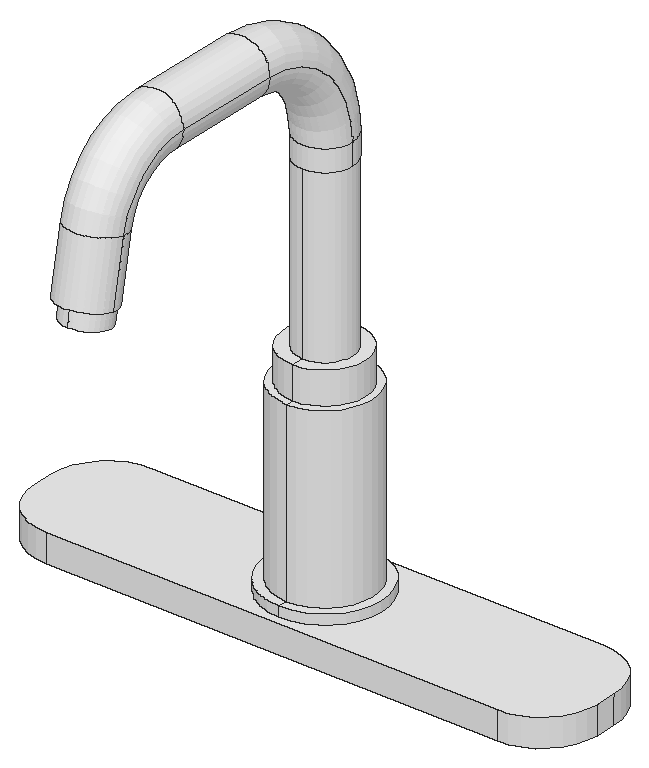
Revit family
Parameters (values of type "2064.155.002")
  Width = 1 1/4"
  Waste Connection = no
  Warranty Information = "5-Year Limited Commerical Warranty"
  WFU = 2
  Vent Connection = no
  URL = "http://www.americanstandard-us.com"
  Type Comments = "Optional 4\" or 8\" Deck Plates, Optional Thermostatic Mixing Valve"
  Price = "Prices may vary. Please consult Manufacturer Representative for most up-to-date price list."  # constant formula
  Phone Number = "416-250-5656"  # constant formula
  Omniclass Table 23 Title = "Single Faucets"  # constant formula
  Omniclass Table 23 Code = "23.45.55.14"  # constant formula
  Nominal Width = 10 1/8"
  Nominal Length = 2 3/8"
  Model = "2064.155.002"
  Material = Metal-American Standard-002-Polished Chrome
  Masterformat Title = "Commercial Faucets, Supplies, and Trim"  # constant formula
  Masterformat Number = "22 42 39"  # constant formula
  Manufacturer = "American Standard"
  Length = 7"
  Installation Type = "Deck Mounted"
  Height = 9 3/4"
  HWFU = 1.5
  HW Connection = yes
  Flow Rate = "0.5 GPM"
  Description = "DC (CR-P2 lithium battery included) Lead Free Serin Sensor-Operated Proximity Lavatory Faucet. Deck-mount electronic faicet with proximity operation. Pressure compensating, vandal-resistant multi-laminar spray. - Polished Chrome"
  Default Elevation = 2 3/8"
  Creation Date = "25/8/2014"  # constant formula
  Created By = "Allied Technical Services"  # constant formula
  Cal Green Compliant = yes
  CWFU = 1.5
  CW Connection = yes
  Assembly Code = "D2020"
  ATS URL = "http://www.atsspec.net"
  ADA Compliant = yes
  8 Inch Deck Plate = yes
  4 Inch Deck Plate = no
Types (8): name | Model | Flow Rate | Description
  2064.155.002 | "2064.155.002" | "0.5 GPM" | "DC (CR-P2 lithium battery included) Lead Free Serin Sensor-Operated Proximity Lavatory Faucet. Deck-mount electronic faicet with proximity operation. Pressure compensating, vandal-resistant multi-laminar spray. - Polished Chrome"
  2064.153.002 | "2064.153.002" | "1.5 GPM" | "DC (CR-P2 lithium battery included) Lead Free Serin Sensor-Operated Proximity Lavatory Faucet. Deck-mount electronic faicet with proximity operation. Pressure compensating, vandal-resistant multi-laminar spray. - Polished Chrome"
  2064.165.002 | "2064.165.002" | "0.5 GPM" | "Plug-in AC (Power Supply Included) Lead Free Serin Sensor-Operated Proximity Lavatory Faucet. Deck-mount electronic faicet with proximity operation. Pressure compensating, vandal-resistant multi-laminar spray. - Polished Chrome"
  2064.162.002 | "2064.162.002" | "1.5" | "Plug-in AC (Power Supply Included) Lead Free Serin Sensor-Operated Proximity Lavatory Faucet. Deck-mount electronic faicet with proximity operation. Pressure compensating, vandal-resistant multi-laminar spray. - Polished Chrome"
  2064.195.002 | "2064.195.002" | "0.5 GPM" | "Hard-Wired AC. Lead Free Serin Sensor-Operated Proximity Lavatory Faucet. Deck-mount electronic faicet with proximity operation. Pressure compensating, vandal-resistant multi-laminar spray. - Polished Chrome"
  2064.192.002 | "2064.192.002" | "1.5 GPM" | "Hard-Wired AC. Lead Free Serin Sensor-Operated Proximity Lavatory Faucet. Deck-mount electronic faicet with proximity operation. Pressure compensating, vandal-resistant multi-laminar spray. - Polished Chrome"
  2064.175.002 | "2064.175.002" | "0.5 GPM" | "Multi AC. Lead Free Serin Sensor-Operated Proximity Lavatory Faucet. Deck-mount electronic faicet with proximity operation. Pressure compensating, vandal-resistant multi-laminar spray. - Polished Chrome"
  2064.172.002 | "2064.172.002" | "1.5 GPM" | "Multi AC. Lead Free Serin Sensor-Operated Proximity Lavatory Faucet. Deck-mount electronic faicet with proximity operation. Pressure compensating, vandal-resistant multi-laminar spray. - Polished Chrome"
Reference planes (in)
  plane 1 "Center (Front/Back)": y = 0
  plane 2: z = 0
  plane 3 "Center (Left/Right)": x = 0
  plane 4: y = -5.375
  plane 5: z = 9.75
  plane 6: z = 3.9375
  plane 7: z = 6.6875
  plane 8: y = -5.875
  plane 9: z = -0.5
  plane 10: x = 0
  plane 11: x = 0
  plane 12: x = 0
Forms (in)
  Revolve 1, solid, material "Metal-American Standard-002-Polished Chrome" <- "Material"
    sketch origin (0, 0, 0) x (0, 1, 0) y (0, 0, 1)
      loop
        line (0, 0) -> (1.03125, 0) -> (1.03125, 0.17605) -> (0.85937, 0.17605) -> (0.85937, 3.35799) -> (0.72656, 3.35799) -> (0.72656, 3.9375) -> (0.5, 3.9375) -> (0.5, 6.99762) -> (0, 6.99762) -> (0, 0)
      axis (0, 0) -> (0, 6.99762)
    angle from 0 to 360
  Sweep 2, solid, material "Metal-American Standard-002-Polished Chrome" <- "Material"
    path origin (0, 0, -1.57031) x (0, 1, 0) y (0, 0, 1)
      loop
        line (0, 8.56793) -> (0, 8.95695)
        arc (0, 8.95695) -> (-0.54577, 10.27455) -> (-1.86336, 10.82031) r 1.86336
        line (-1.86336, 10.82031) -> (-3.80607, 10.82031)
        arc (-3.80607, 10.82031) -> (-4.68067, 10.5063) -> (-5.1558, 9.70767) r 1.375
        line (-5.1558, 9.70767) -> (-5.375, 8.58001)
    profile origin (0, 0, 7.19213) x (0, -1, 0) y (1, 0, 0)
      loop
        circle (0, 0) r 0.5
  Revolve 3, solid, material "Metal-American Standard-002-Polished Chrome" <- "Material"
    sketch origin (0, 0.29189, 0.2535) x (0, 0.998958, 0.045631) y (0, -0.045631, 0.998958)
      loop
        line (-5.375, 6.6875) -> (-5.27482, 7.12144) -> (-5.68005, 7.21499) -> (-5.78023, 6.78106) -> (-5.375, 6.6875)
      axis (-5.27482, 7.12144) -> (-5.375, 6.6875)
    angle from 0 to 360
  Extrusion 4, solid, material "Metal-American Standard-002-Polished Chrome" <- "Material", visible <- "8 Inch Deck Plate"
    sketch origin (0, 0, 0) x (1, 0, 0) y (0, 1, 0)
      loop
        arc (-4.0625, 1.1875) -> (-4.76961, 0.89461) -> (-5.0625, 0.1875) r 1
        line (-5.0625, 0.1875) -> (-5.0625, -0.1875)
        arc (-5.0625, -0.1875) -> (-4.76961, -0.89461) -> (-4.0625, -1.1875) r 1
        line (-4.0625, -1.1875) -> (4.0625, -1.1875)
        arc (4.0625, -1.1875) -> (4.76961, -0.89461) -> (5.0625, -0.1875) r 1
        line (5.0625, -0.1875) -> (5.0625, 0.1875)
        arc (5.0625, 0.1875) -> (4.76961, 0.89461) -> (4.0625, 1.1875) r 1
        line (4.0625, 1.1875) -> (-4.0625, 1.1875)
    from -0.5 to 0
  Extrusion 5, solid, material "Metal-American Standard-002-Polished Chrome" <- "Material", visible <- "4 Inch Deck Plate"
    sketch origin (0, 0, 0) x (1, 0, 0) y (0, 1, 0)
      loop
        arc (-2.0625, 1.0625) -> (-2.76961, 0.76961) -> (-3.0625, 0.0625) r 1
        line (-3.0625, 0.0625) -> (-3.0625, -0.0625)
        arc (-3.0625, -0.0625) -> (-2.76961, -0.76961) -> (-2.0625, -1.0625) r 1
        line (-2.0625, -1.0625) -> (2.0625, -1.0625)
        arc (2.0625, -1.0625) -> (2.76961, -0.76961) -> (3.0625, -0.0625) r 1
        line (3.0625, -0.0625) -> (3.0625, 0.0625)
        arc (3.0625, 0.0625) -> (2.76961, 0.76961) -> (2.0625, 1.0625) r 1
        line (2.0625, 1.0625) -> (-2.0625, 1.0625)
    from -0.5 to 0
Cuts and joins
  joined: Revolve 1, Sweep 2, Revolve 3
Lines and regions (in)
  Masking region 1
    outline origin (0, 0, 0) x (0, 1, 0) y (0, 0, 1)
      loop
        line (1.03125, 0) -> (1.03125, 0.17605) -> (0.85937, 0.17605) -> (0.85937, 3.35799) -> (0.72656, 3.35799) -> (0.72656, 3.9375) -> (0.5, 3.9375) -> (0.5, 7.4376)
        arc (0.5, 7.4376) -> (-0.17729, 9.07271) -> (-1.8124, 9.75) r 2.3124
        line (-1.8124, 9.75) -> (-3.80607, 9.75)
        arc (-3.80607, 9.75) -> (-4.99871, 9.3218) -> (-5.64662, 8.23277) r 1.875
        line (-5.64662, 8.23277) -> (-5.86581, 7.1051) -> (-5.73051, 7.0788) -> (-5.79175, 6.76373) -> (-4.97359, 6.6138) -> (-4.91739, 6.92044) -> (-4.8833, 6.91419) -> (-4.66464, 8.03912)
        arc (-4.66464, 8.03912) -> (-4.36228, 8.54733) -> (-3.80572, 8.74716) r 0.875
        line (-3.80572, 8.74716) -> (-1.85327, 8.74716)
        arc (-1.85327, 8.74716) -> (-0.89636, 8.3508) -> (-0.5, 7.39389) r 1.35327
        line (-0.5, 7.39389) -> (-0.5, 3.9375) -> (-0.72656, 3.9375) -> (-0.72656, 3.35799) -> (-0.85937, 3.35799) -> (-0.85937, 0.17605) -> (-1.03125, 0.17605) -> (-1.03125, 0) -> (1.03125, 0)
  Masking region 2
    outline origin (0, 0, 0) x (1, 0, 0) y (0, 0, 1)
      loop
        line (-1.03125, 0) -> (1.03125, 0) -> (1.03125, 0.18269) -> (0.86149, 0.18269) -> (0.86149, 3.36041) -> (0.72506, 3.36041) -> (0.72506, 3.9375) -> (0.5, 3.9375) -> (0.5, 9.13478)
        arc (0.5, 9.13478) -> (0, 9.75) -> (-0.5, 9.13478) r 0.51079
        line (-0.5, 9.13478) -> (-0.5, 3.9375) -> (-0.72506, 3.9375) -> (-0.72506, 3.36041) -> (-0.86149, 3.36041) -> (-0.86149, 0.18269) -> (-1.03125, 0.18269) -> (-1.03125, 0)
  Masking region 3
    outline origin (0, 0, 0) x (1, 0, 0) y (0, 1, 0)
      loop
        arc (0.5013, -0.94566) -> (0, 1.07031) -> (-0.5013, -0.94566) r 1.07031
        line (-0.5013, -0.94566) -> (-0.5013, -5.3737)
        arc (-0.5013, -5.3737) -> (0, -5.875) -> (0.5013, -5.3737) r 0.5013
        line (0.5013, -5.3737) -> (0.5013, -0.94566)
  Masking region 4, visible <- "8 Inch Deck Plate"
    outline origin (0, 0, 0) x (1, 0, 0) y (0, 0, 1)
      loop
        line (-5.0625, 0) -> (-5.0625, -0.5) -> (5.0625, -0.5) -> (5.0625, 0) -> (1.03125, 0) -> (1.03125, 0.18269) -> (0.86149, 0.18269) -> (0.86149, 3.36041) -> (0.72506, 3.36041) -> (0.72506, 3.9375) -> (0.5, 3.9375) -> (0.5, 9.13478)
        arc (0.5, 9.13478) -> (0, 9.75) -> (-0.5, 9.13478) r 0.51079
        line (-0.5, 9.13478) -> (-0.5, 3.9375) -> (-0.72506, 3.9375) -> (-0.72506, 3.36041) -> (-0.86149, 3.36041) -> (-0.86149, 0.18269) -> (-1.03125, 0.18269) -> (-1.03125, 0) -> (-5.0625, 0)
  Masking region 5, visible <- "8 Inch Deck Plate"
    outline origin (0, 0, 0) x (1, 0, 0) y (0, 1, 0)
      loop
        arc (-4.0625, 1.1875) -> (-4.76961, 0.89461) -> (-5.0625, 0.1875) r 1
        line (-5.0625, 0.1875) -> (-5.0625, -0.1875)
        arc (-5.0625, -0.1875) -> (-4.76961, -0.89461) -> (-4.0625, -1.1875) r 1
        line (-4.0625, -1.1875) -> (-0.5013, -1.1875) -> (-0.5013, -5.3737)
        arc (-0.5013, -5.3737) -> (0, -5.875) -> (0.5013, -5.3737) r 0.5013
        line (0.5013, -5.3737) -> (0.5013, -1.1875) -> (4.0625, -1.1875)
        arc (4.0625, -1.1875) -> (4.76961, -0.89461) -> (5.0625, -0.1875) r 1
        line (5.0625, -0.1875) -> (5.0625, 0.1875)
        arc (5.0625, 0.1875) -> (4.76961, 0.89461) -> (4.0625, 1.1875) r 1
        line (4.0625, 1.1875) -> (-4.0625, 1.1875)
  Masking region 6, visible <- "8 Inch Deck Plate"
    outline origin (0, 0, 0) x (0, 1, 0) y (0, 0, 1)
      loop
        line (1.1875, 0) -> (1.03125, 0) -> (1.03125, 0.17605) -> (0.85937, 0.17605) -> (0.85937, 3.35799) -> (0.72656, 3.35799) -> (0.72656, 3.9375) -> (0.5, 3.9375) -> (0.5, 7.4376)
        arc (0.5, 7.4376) -> (-0.17729, 9.07271) -> (-1.8124, 9.75) r 2.3124
        line (-1.8124, 9.75) -> (-3.80607, 9.75)
        arc (-3.80607, 9.75) -> (-4.99871, 9.3218) -> (-5.64662, 8.23277) r 1.875
        line (-5.64662, 8.23277) -> (-5.86581, 7.1051) -> (-5.73051, 7.0788) -> (-5.79175, 6.76373) -> (-4.97359, 6.6138) -> (-4.91739, 6.92044) -> (-4.8833, 6.91419) -> (-4.66464, 8.03912)
        arc (-4.66464, 8.03912) -> (-4.36228, 8.54733) -> (-3.80572, 8.74716) r 0.875
        line (-3.80572, 8.74716) -> (-1.85327, 8.74716)
        arc (-1.85327, 8.74716) -> (-0.89636, 8.3508) -> (-0.5, 7.39389) r 1.35327
        line (-0.5, 7.39389) -> (-0.5, 3.9375) -> (-0.72656, 3.9375) -> (-0.72656, 3.35799) -> (-0.85937, 3.35799) -> (-0.85937, 0.17605) -> (-1.03125, 0.17605) -> (-1.03125, 0) -> (-1.1875, 0) -> (-1.1875, -0.5) -> (1.1875, -0.5) -> (1.1875, 0)
  Masking region 7, visible <- "4 Inch Deck Plate"
    outline origin (-21.12166, -10.30172, 0) x (1, 0, 0) y (0, 1, 0)
      loop
        arc (19.05916, 11.36422) -> (18.35205, 11.07133) -> (18.05916, 10.36422) r 1
        line (18.05916, 10.36422) -> (18.05916, 10.23922)
        arc (18.05916, 10.23922) -> (18.35205, 9.53212) -> (19.05916, 9.23922) r 1
        line (19.05916, 9.23922) -> (20.62036, 9.23922) -> (20.62036, 4.92802)
        arc (20.62036, 4.92802) -> (21.12166, 4.42672) -> (21.62296, 4.92802) r 0.5013
        line (21.62296, 4.92802) -> (21.62296, 9.23922) -> (23.18416, 9.23922)
        arc (23.18416, 9.23922) -> (23.89127, 9.53212) -> (24.18416, 10.23922) r 1
        line (24.18416, 10.23922) -> (24.18416, 10.36422)
        arc (24.18416, 10.36422) -> (23.89127, 11.07133) -> (23.18416, 11.36422) r 1
        line (23.18416, 11.36422) -> (19.05916, 11.36422)
  Masking region 8, visible <- "4 Inch Deck Plate"
    outline origin (-19.85589, 0, -6.83693) x (1, 0, 0) y (0, 0, 1)
      loop
        line (16.79339, 6.83693) -> (16.79339, 6.33693) -> (22.91839, 6.33693) -> (22.91839, 6.83693) -> (20.88714, 6.83693) -> (20.88714, 7.01962) -> (20.71738, 7.01962) -> (20.71738, 10.19734) -> (20.58095, 10.19734) -> (20.58095, 10.77443) -> (20.35589, 10.77443) -> (20.35589, 15.97171)
        arc (20.35589, 15.97171) -> (19.85589, 16.58693) -> (19.35589, 15.97171) r 0.51079
        line (19.35589, 15.97171) -> (19.35589, 10.77443) -> (19.13083, 10.77443) -> (19.13083, 10.19734) -> (18.9944, 10.19734) -> (18.9944, 7.01962) -> (18.82464, 7.01962) -> (18.82464, 6.83693) -> (16.79339, 6.83693)
  Masking region 9, visible <- "4 Inch Deck Plate"
    outline origin (0, 0, 0) x (0, 1, 0) y (0, 0, 1)
      loop
        line (-1.03125, -0.5) -> (1.03125, -0.5) -> (1.03125, 0.17605) -> (0.85937, 0.17605) -> (0.85937, 3.35799) -> (0.72656, 3.35799) -> (0.72656, 3.9375) -> (0.5, 3.9375) -> (0.5, 7.4376)
        arc (0.5, 7.4376) -> (-0.17729, 9.07271) -> (-1.8124, 9.75) r 2.3124
        line (-1.8124, 9.75) -> (-3.80607, 9.75)
        arc (-3.80607, 9.75) -> (-4.99871, 9.3218) -> (-5.64662, 8.23277) r 1.875
        line (-5.64662, 8.23277) -> (-5.86581, 7.1051) -> (-5.73051, 7.0788) -> (-5.79175, 6.76373) -> (-4.97359, 6.6138) -> (-4.91739, 6.92044) -> (-4.8833, 6.91419) -> (-4.66464, 8.03912)
        arc (-4.66464, 8.03912) -> (-4.36228, 8.54733) -> (-3.80572, 8.74716) r 0.875
        line (-3.80572, 8.74716) -> (-1.85327, 8.74716)
        arc (-1.85327, 8.74716) -> (-0.89636, 8.3508) -> (-0.5, 7.39389) r 1.35327
        line (-0.5, 7.39389) -> (-0.5, 3.9375) -> (-0.72656, 3.9375) -> (-0.72656, 3.35799) -> (-0.85937, 3.35799) -> (-0.85937, 0.17605) -> (-1.03125, 0.17605) -> (-1.03125, -0.5)
  symbolic lines, style "PlumbingFixtures", detail levels medium+fine
    curve 1: line (0, -4.91739, 6.92044) -> (0, -5.73424, 7.07922)
    curve 2: line (0, 0.5, 3.9375) -> (0, -0.5, 3.9375)
    curve 3: line (0, -0.72656, 3.35799) -> (0, 0.72656, 3.35799)
    curve 7: line (-0.418, 0, 6.95684) -> (-0.418, 0, 6.6875)
    curve 8: line (0.418, 0, 6.95684) -> (0.418, 0, 6.6875)
    curve 9: arc (-0.418, 0, 6.6875) -> (-0.36588, 0, 6.64909) -> (-0.30416, 0, 6.62953) r 0.19813
    curve 10: arc (0.418, 0, 6.6875) -> (0.36588, 0, 6.64909) -> (0.30416, 0, 6.62953) r 0.19813
    curve 11: arc (-0.30416, 0, 6.62953) -> (0, 0, 6.60778) -> (0.30416, 0, 6.62953) r 2.13786
    curve 12: arc (-0.5, 0, 7.0097) -> (-0.46496, 0, 6.97402) -> (-0.418, 0, 6.95684) r 0.11361
    curve 13: arc (0.5, 0, 7.0097) -> (0.46496, 0, 6.97402) -> (0.418, 0, 6.95684) r 0.11361
    curve 20: line (-0.86149, 0, 0.18269) -> (0.86149, 0, 0.18269)
    curve 22: arc (-0.5, 0, 0) -> (0.00065, 0.50065, 0) -> (0.5013, 0, 0) r 0.50065
    curve 23: line (-0.5, 0, 0) -> (-0.5, -0.94634, 0)
    curve 24: line (0.5013, 0, 0) -> (0.5013, -0.94566, 0)
    curve 28: line (-0.5, -0.94634, 0) -> (-0.5, -1.19634, 0)
    curve 29: line (0.5013, -0.94566, 0) -> (0.5013, -1.19634, 0)
    curve 30: arc (0.5013, -0.94566, 0) -> (-0.00072, 1.05365, 0) -> (-0.5, -0.94634, 0) r 1.0625
  symbolic lines, style "PlumbingFixtures", detail levels fine
    curve 4: arc (-0.5, 0, 7.0097) -> (-0.46026, 0, 7.04623) -> (-0.4106, 0, 7.06739) r 0.15932
    curve 5: arc (0.5, 0, 7.0097) -> (0.46026, 0, 7.04623) -> (0.4106, 0, 7.06739) r 0.15932
    curve 6: arc (-0.4106, 0, 7.06739) -> (0, 0, 7.11536) -> (0.4106, 0, 7.06739) r 1.7813
    curve 14: arc (-0.418, 0, 6.95684) -> (0, 0, 7.0132) -> (0.418, 0, 6.95684) r 1.57822
    curve 15: arc (-0.418, 0, 6.6875) -> (-0.36022, 0, 6.71389) -> (-0.29902, 0, 6.73091) r 0.4048
    curve 16: line (-0.5, 0, 3.9375) -> (0.5, 0, 3.9375)
    curve 17: line (-0.72506, 0, 3.36041) -> (0.72506, 0, 3.36041)
    curve 18: arc (0.418, 0, 6.6875) -> (0.36022, 0, 6.71389) -> (0.29902, 0, 6.73091) r 0.4048
    curve 19: arc (-0.29902, 0, 6.73091) -> (0, 0, 6.76062) -> (0.29902, 0, 6.73091) r 1.5195
    curve 21: line (0, 0.85937, 0.17605) -> (0, -0.85938, 0.17605)
    curve 25: arc (0.5013, -0.52592, 0) -> (-0.00089, 0.72656, 0) -> (-0.5, -0.52716, 0) r 0.72656
    curve 26: arc (0.5013, -0.69802, 0) -> (-0.0008, 0.85937, 0) -> (-0.5, -0.69895, 0) r 0.85937
    curve 27: line (-1.08018, 0, 0) -> (1.08018, 0, 0)
    curve 31: line (0, 1.07031, 0) -> (0, -1.07031, 0)
Dimensions and locks (in)
  plane 5 to level = 9 3/4"
  plane 1 "Center (Front/Back)" to plane 4 = 5 3/8"
  plane 7 to level = 6 11/16"
  plane 6 to level = 3 15/16"
  level to plane 9 = 1/2"
  aligned and locked: level to Extrusion 4
  aligned and locked: Masking region 5 sketch curve to Extrusion 4  (x4)
